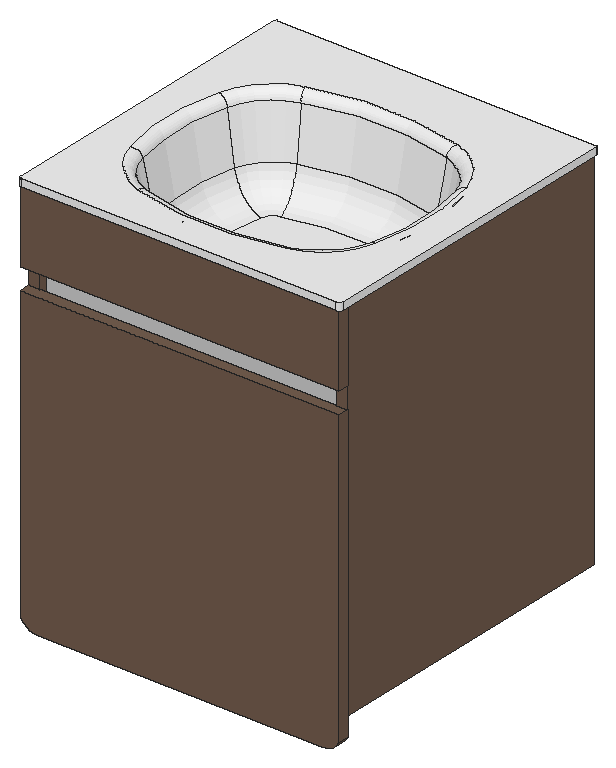
Revit family "614286091_Mueble Aluvia Habano Elevado 45x45", category Plumbing Fixtures, Revit 2019
Family settings
  Round Connector Dimension = Use Diameter
  Part Type = Normal
  OmniClass Number = 23.31.13.11
  OmniClass Title = Single Sinks
  Work Plane-Based = Yes
  Always vertical = Yes
  Cut with Voids When Loaded = No
  Shared = No
  Room Calculation Point = No
Parameters (values of type "Ref. 614286091 Mueble Aluvia Habano Con Lavamanos")
  Tiempo de Armado = "60 minutos"  # constant formula
  Resistencia al rayado = "700 ciclos"  # constant formula
  Resistencia a la humedad = "8%"  # constant formula
  Profundidad = 440 mm
  Pieza en U = Corona_Poliestrieno_Gris
  Peso Neto aprox = "22 lb (10 kg)."  # constant formula
  Peso Bruto aprox = "23,6 lb (10,37 kg)."  # constant formula
  Garantia Madera = "1 año"  # constant formula
  URL = "https://corona.co/productos/muebles-para-banos/mueble-aluvia-elevado/p/614286091"
  Dimensiones Generales (H * W * P) = "21,85” x 17,56” x 17,52” (555 x 446 x 445 mm)."  # constant formula
  Model = "Mueble aluvia miel LVM 45X45"  # constant formula
  Material Lavamanos = Corona_Cerámica_Sinterizada
  Manufacturer = "Corona"  # constant formula
  Material madera interior = Corona_Madera_Aglomerada_Plomo
  Material = Corona_Madera_Aglomerada_Habano
  Description = "La línea ALUVIA viene a entregar de manera asequible una solución perfecta que combina\r\ndiseño y funcionalidad, ALUVIA se inspira en el movimiento y caída del agua en la\r\nnaturaleza, es por ello de sus formas orgánicas donde podemos obtener un producto\r\ncompacto y de líneas fluidas, que se adapta en espacios pequeños.\r\nEl principal beneficio de los muebles de esta línea es ser un producto compacto que brinda\r\nal consumidor máxima capacidad de almacenamiento e ideal para espacios pequeños.\r\n· Mueble compacto para espacios pequeños.\r\n· Lavamanos 100% en porcelana.\r\n· Grán capacidad de almacenamiento.\r\n· Resistentes a la Humedad."  # constant formula
  Densidad = "15 mms 670 kg./m^3."  # constant formula
  Default Elevation = 1219.2 mm
  Date created = "08/07/2020"  # constant formula
  Created by = "IDD"  # constant formula
  Garantia Herrajes = "1 año"  # constant formula
  Carga máxima = "88,2 lb (40 kg)."  # constant formula
  Canto = "PVC rígido 2 mm de calibre."  # constant formula
  Patas = Corona_Acero
  Ancho = 445 mm
  Alto = 850 mm
Types (3, lengths in mm): name | Profundidad | URL | Material
  (no name) | 440 | "https://corona.co/productos/muebles-para-banos/mueble-aluvia-elevado/p/614286091" | Corona_Madera_Aglomerada_Habano
  Ref. 614281711 Mueble Aluvia Miel Con Lavamanos | 430 | "https://corona.co/productos/muebles-para-banos/mueble-aluvia-a-piso/p/604281711" | Corona_Madera_Aglomerada_Miel
  Ref. 614286091 Mueble Aluvia Habano Con Lavamanos | 440 | "https://corona.co/productos/muebles-para-banos/mueble-aluvia-elevado/p/614286091" | Corona_Madera_Aglomerada_Habano
Reference planes
  plane 1 "Center (Front/Back)": y = 0
  plane 2: z = 0
  plane 3 "Center (Left/Right)": x = 0
  plane 4: x = -222.5
  plane 5: x = 222.5
  plane 6: y = -430
  plane 7: z = 719
  plane 8: z = 749
  plane 9: z = 850
  plane 10: y = -15
  plane 11: y = -445
  plane 12: x = 207.5
  plane 13: x = -207.5
  plane 14: z = 695.425
  plane 15: z = 295
  plane 16: x = -207.5
  plane 17: z = 798.425
  plane 18: z = 500
  plane 19: z = 351
  plane 20: z = 336
Forms (mm)
  Extrusion 1, solid, material "Corona_Madera_Aglomerada_Habano" <- "Material", detail levels medium+fine
    sketch origin (0, 0, 0) x (1, 0, 0) y (0, 1, 0)
      loop
        line (-222.5, 0) -> (-222.5, -430) -> (222.5, -430) -> (222.5, 0) -> (-222.5, 0)
    from 336 to 850
  Extrusion 2, void, detail levels medium+fine
    sketch origin (0, 0, 0) x (1, 0, 0) y (0, 1, 0)
      loop
        line (-207.5, 0) -> (-207.5, -430) -> (207.5, -430) -> (207.5, 0) -> (-207.5, 0)
    from 351 to 850
  Extrusion 3, solid, material "Corona_Madera_Aglomerada_Habano" <- "Material"
    sketch origin (0, 0, 0) x (1, 0, 0) y (0, 1, 0)
      loop
        line (222.5, -445) -> (222.5, -430) -> (-222.5, -430) -> (-222.5, -445) -> (222.5, -445)
    from 749 to 850
  Extrusion 4, solid, material "Corona_Madera_Aglomerada_Plomo" <- "Material madera interior"
    sketch origin (0, 20.2, 209.8) x (0, 1, 0) y (0, 0, 1)
      loop
        line (-440.2, 588.625) -> (-440.2, 485.625) -> (-425.2, 485.625) -> (-425.2, 588.625) -> (-440.2, 588.625)
    from -207.5 to 207.5
  Extrusion 5, solid, material "Corona_Madera_Aglomerada_Habano" <- "Material"
    sketch origin (0, 0, 0) x (1, 0, 0) y (0, 0, 1)
      loop
        line (222.5, 719) -> (-222.5, 719) -> (-222.5, 309)
        arc (-222.5, 309) -> (-211.779, 298.822) -> (-197.5, 295) r 30
        line (-197.5, 295) -> (197.5, 295)
        arc (197.5, 295) -> (211.779, 298.822) -> (222.5, 309) r 30
        line (222.5, 309) -> (222.5, 719)
    from 430 to 445
  Extrusion 6, solid, material "Corona_Madera_Aglomerada_Habano" <- "Material", detail levels coarse
    sketch origin (0, 0, 0) x (1, 0, 0) y (0, 1, 0)
      loop
        line (-222.5, -445) -> (222.5, -445) -> (222.5, 0) -> (-222.5, 0) -> (-222.5, -445)
    from 295 to 860
  Extrusion 7, solid, material "Corona_Madera_Aglomerada_Habano" <- "Material"
    sketch origin (0, 425.2, 261.375) x (0, 1, 0) y (0, 0, 1)
      loop
        line (-440.2, 588.625) -> (-440.2, 487.625) -> (-425.2, 487.625) -> (-425.2, 588.625) -> (-440.2, 588.625)
    from -207.5 to 207.5
Cuts and joins
  Extrusion 2 cuts Extrusion 1
Dimensions and locks
  equal spacing: plane 4, plane 3 "Center (Left/Right)", plane 5
  plane 11 to plane 1 "Center (Front/Back)" = 445 mm  (x2)
  "Ancho": plane 4 to plane 5
  plane 11 to plane 6 = 15 mm  (x2)
  plane 4 to plane 13 = 15 mm
  plane 9 to plane 8 = 101 mm  (x3)
  plane 8 to plane 7 = 30 mm  (x2)
  "Alto": plane 9 to level
  plane 4 to plane 5 = 445 mm
  plane 12 to plane 5 = 15 mm
  plane 1 "Center (Front/Back)" to plane 11 = 445 mm
  plane 12 to plane 13 = 415 mm
  plane 9 to level = 850 mm
  plane 7 to Extrusion 6 = 424 mm
  plane 7 to plane 15 = 424 mm
  plane 20 to plane 15 = 41 mm
  aligned and locked: level to plane 2
  aligned and locked: plane 1 "Center (Front/Back)" to Extrusion 1 sketch curve
  aligned and locked: Extrusion 1 sketch curve to plane 5
  aligned and locked: plane 6 to Extrusion 1 sketch curve
  aligned and locked: plane 4 to Extrusion 1 sketch curve
  aligned and locked: Extrusion 3 to cut or joined group of Extrusion 1, Extrusion 2
  aligned and locked: Extrusion 3 to plane 8
  aligned and locked: Extrusion 2 to plane 6
  aligned and locked: plane 13 to Extrusion 2
  aligned and locked: plane 12 to Extrusion 2
  aligned and locked: plane 11 to Extrusion 3
  aligned and locked: plane 9 to Extrusion 3
  aligned and locked: Extrusion 4 to plane 14
  aligned and locked: plane 17 to Extrusion 4
  aligned and locked: Extrusion 6 sketch curve to plane 4
  aligned and locked: plane 1 "Center (Front/Back)" to Extrusion 6 sketch curve
  aligned and locked: plane 11 to Extrusion 6 sketch curve
  aligned and locked: plane 5 to Extrusion 6 sketch curve
  aligned and locked: nested 1 to Extrusion 6
  aligned and locked: plane 9 to cut or joined group of Extrusion 1, Extrusion 2
  aligned and locked: cut or joined group of Extrusion 1, Extrusion 2 to Extrusion 4  (x2)
  aligned and locked: Extrusion 6 to Extrusion 5
  aligned and locked: Extrusion 6 to plane 15
  aligned and locked: Extrusion 5 to plane 7
  aligned and locked: Extrusion 1 to plane 20
  aligned and locked: Extrusion 2 to plane 19
Automatic sketch dimensions
  Extrusion 2 sketch curve to plane 6 = 0 mm
  Extrusion 2 sketch curve to plane 13 = 0 mm
  Extrusion 2 sketch curve to plane 12 = 0 mm
  plane 1 "Center (Front/Back)" to Extrusion 2 sketch curve = 0 mm
  Extrusion 3 sketch curve to plane 4 = 0 mm
  Extrusion 3 sketch curve to plane 5 = 0 mm
  plane 11 to Extrusion 3 sketch curve = 0 mm
  Extrusion 3 sketch curve to plane 6 = 0 mm
  Extrusion 4 sketch curve to plane 14 = 0 mm
  Extrusion 4 sketch curve to plane 17 = 0 mm
  plane 6 to Extrusion 4 sketch curve = 10 mm
  Extrusion 4 sketch curve to Extrusion 4 sketch curve = 15 mm
  Extrusion 5 sketch curve to plane 4 = 0 mm
  Extrusion 5 sketch curve to plane 15 = 0 mm
  Extrusion 5 sketch curve to plane 5 = 0 mm
  Extrusion 5 sketch curve to plane 13 = 10 mm
  Extrusion 5 sketch curve to plane 13 = 10.379 mm
  Extrusion 5 sketch curve to plane 12 = 10.379 mm
  Extrusion 5 sketch curve to plane 12 = 10 mm
  Extrusion 5 sketch curve to Extrusion 5 sketch curve = 14 mm  (x2)
  Extrusion 7 sketch curve to plane 10 = 0 mm
  Extrusion 7 sketch curve to plane 1 "Center (Front/Back)" = 0 mm
  Extrusion 7 sketch curve to plane 9 = 0 mm
  Extrusion 7 sketch curve to plane 8 = 0 mm
  plane 18 to Extrusion 5 sketch curve = 219 mm
Nested families
  nested 1: "Lavamanos_Aluvia" at (0, 3.157, 850), type "Lavamanos_Aluvia", detail levels medium+fine
  nested 2: "Family3" at (0, 0, 0) x (1, 0, 0) z (0, -1, 0), type "Family3"
  nested 3: "Family2" at (0, 0, 0) x (0, 1, 0) z (1, 0, 0), type "Family2"
  nested 4: "Family1" at (-24.5, -445, 0), type "Family1"
Definition of nested family "Lavamanos_Aluvia"
  Parameters (values of type "Lavamanos_Aluvia")
    Width = 450 mm
    Material Lavamanos = none
    Height = 122 mm
    Depth = 450 mm
    Date Created = "08/07/2020"  # constant formula
    Created by = "IDD"  # constant formula
  Reference planes
    plane 1 "Center (Front/Back)": y = 0
    plane 2: z = 0
    plane 3 "Center (Left/Right)": x = 0
    plane 4: y = -450
    plane 5: x = 225
    plane 6: x = -225
    plane 7: z = 10
    plane 8: z = -112
  Forms (mm)
    Extrusion 1, solid, material <- "Material Lavamanos"
      sketch origin (0, 0, 0) x (1, 0, 0) y (0, 1, 0)
        loop
          arc (-222.603, 0) -> (-224.013, -0.987) -> (-225, -2.397) r 4.953
          line (-225, -2.397) -> (-225, -443.917)
          arc (-225, -443.917) -> (-223.218, -448.218) -> (-218.917, -450) r 6.083
          line (-218.917, -450) -> (218.917, -450)
          arc (218.917, -450) -> (223.218, -448.218) -> (225, -443.917) r 6.083
          line (225, -443.917) -> (225, -2.397)
          arc (225, -2.397) -> (224.013, -0.987) -> (222.603, 0) r 4.953
          line (222.603, 0) -> (-222.603, 0)
        loop
          arc (-106.389, -388.635) -> (-1.549, -405.801) -> (103.665, -391.099) r 354.127
          arc (103.665, -391.099) -> (146.466, -365.335) -> (171.463, -322.081) r 100
          arc (171.463, -322.081) -> (182.378, -242.183) -> (171.463, -162.286) r 297.871
          arc (171.463, -162.286) -> (146.466, -119.032) -> (103.665, -93.267) r 100
          arc (103.665, -93.267) -> (-1.549, -78.565) -> (-106.389, -95.732) r 354.127
          arc (-106.389, -95.732) -> (-148.087, -121.977) -> (-172.191, -164.948) r 100
          arc (-172.191, -164.948) -> (-182.378, -242.183) -> (-172.191, -319.419) r 297.871
          arc (-172.191, -319.419) -> (-148.087, -362.39) -> (-106.389, -388.635) r 100
      from 0 to 10
    Sweep 2, solid, material <- "Material Lavamanos"
      path origin (0, 0, 10) x (1, 0, 0) y (0, 1, 0)
        loop
          arc (-106.389, -95.732) -> (-148.087, -121.977) -> (-172.191, -164.948) r 100
          arc (-172.191, -164.948) -> (-182.378, -242.183) -> (-172.191, -319.419) r 297.871
          arc (-172.191, -319.419) -> (-148.087, -362.39) -> (-106.389, -388.635) r 100
          arc (-106.389, -388.635) -> (-1.549, -405.801) -> (103.665, -391.099) r 354.127
          arc (103.665, -391.099) -> (146.466, -365.335) -> (171.463, -322.081) r 100
          arc (171.463, -322.081) -> (182.378, -242.183) -> (171.463, -162.286) r 297.871
          arc (171.463, -162.286) -> (146.466, -119.032) -> (103.665, -93.267) r 100
          arc (103.665, -93.267) -> (-1.549, -78.565) -> (-106.389, -95.732) r 354.127
      profile origin (-1.549, -78.565, 10) x (-0.011731, 0.999931, 0) y (0, 0, 1)
        loop
          line (-14.72, -12.118) -> (-28.327, -81.608)
          arc (-28.327, -81.608) -> (-45.617, -110.603) -> (-77.395, -122) r 50
          line (-77.395, -122) -> (-77.395, -132)
          arc (-77.395, -132) -> (-39.262, -118.324) -> (-18.513, -83.529) r 60
          line (-18.513, -83.529) -> (-4.907, -14.039)
          arc (-4.907, -14.039) -> (-3.178, -11.14) -> (0, -10) r 5
          line (0, -10) -> (0, 0)
          arc (0, 0) -> (-9.533, -3.419) -> (-14.72, -12.118) r 15
    Extrusion 3, solid, material <- "Material Lavamanos"
      sketch origin (0, 0, 0) x (1, 0, 0) y (0, 1, 0)
        loop
          arc (-82.568, -169.369) -> (-91.994, -175.302) -> (-97.443, -185.016) r 22.605
          arc (-97.443, -185.016) -> (-104.983, -242.183) -> (-97.443, -299.351) r 220.476
          arc (-97.443, -299.351) -> (-91.994, -309.064) -> (-82.568, -314.997) r 22.605
          arc (-82.568, -314.997) -> (-0.641, -328.412) -> (81.578, -316.923) r 276.732
          arc (81.578, -316.923) -> (91.253, -311.099) -> (96.904, -301.321) r 22.605
          arc (96.904, -301.321) -> (104.983, -242.183) -> (96.904, -183.045) r 220.476
          arc (96.904, -183.045) -> (91.253, -173.268) -> (81.578, -167.444) r 22.605
          arc (81.578, -167.444) -> (-0.641, -155.955) -> (-82.568, -169.369) r 276.732
      from -122 to -112
    Extrusion 4, void
      sketch origin (0, 0, 0) x (1, 0, 0) y (0, 1, 0)
        loop
          circle (0, -242.183) r 21.75
      from -167.798 to -32.448
    Extrusion 5, solid, material <- "Material Lavamanos"
      sketch origin (0, 0, 0) x (1, 0, 0) y (0, 1, 0)
        loop
          circle (0, -242.183) r 21.75
      from -129.568 to -122
  Cuts and joins
    Extrusion 4 cuts Extrusion 1
    Extrusion 4 cuts Sweep 2
    Extrusion 4 cuts Extrusion 3
    joined: Extrusion 1, Sweep 2, Extrusion 3
  Dimensions and locks
    equal spacing: plane 6, plane 3 "Center (Left/Right)", plane 5
    "Width": plane 6 to plane 5
    "Depth": plane 4 to plane 1 "Center (Front/Back)"
    level to plane 7 = 10 mm
    "Height": plane 8 to plane 7
    aligned and locked: level to plane 2
    aligned and locked: plane 1 "Center (Front/Back)" to Extrusion 1 sketch curve
    aligned and locked: plane 4 to Extrusion 1 sketch curve
    aligned and locked: Extrusion 1 sketch curve to plane 5
    aligned and locked: plane 6 to Extrusion 1 sketch curve
  Automatic sketch dimensions
    plane 6 to Extrusion 1 sketch curve = 2.397 mm
    plane 6 to Extrusion 1 sketch curve = 4.489 mm
    plane 6 to Extrusion 1 sketch curve = 6.083 mm
    plane 6 to Extrusion 1 sketch curve = 109.507 mm
    Extrusion 1 sketch curve to Extrusion 1 sketch curve = 39.882 mm
    Extrusion 1 sketch curve to plane 3 "Center (Left/Right)" = 75.611 mm
    plane 3 "Center (Left/Right)" to Extrusion 1 sketch curve = 2.605 mm  (x2)
    plane 3 "Center (Left/Right)" to Extrusion 1 sketch curve = 75.127 mm  (x2)
    Extrusion 1 sketch curve to Extrusion 1 sketch curve = 40.365 mm
    Extrusion 1 sketch curve to plane 5 = 6.083 mm
    Extrusion 1 sketch curve to plane 5 = 4.489 mm
    Extrusion 1 sketch curve to plane 5 = 2.397 mm
    plane 4 to Extrusion 1 sketch curve = 17.332 mm
    plane 4 to Extrusion 1 sketch curve = 154.742 mm
    Extrusion 1 sketch curve to Extrusion 1 sketch curve = 1.768 mm
    Extrusion 1 sketch curve to Extrusion 1 sketch curve = 53.075 mm  (x2)
    Extrusion 1 sketch curve to Extrusion 1 sketch curve = 51.306 mm  (x2)
    plane 1 "Center (Front/Back)" to Extrusion 1 sketch curve = 51.699 mm
    plane 1 "Center (Front/Back)" to Extrusion 1 sketch curve = 4.489 mm  (x2)
    plane 6 to Extrusion 1 sketch curve = 52.809 mm
    Extrusion 1 sketch curve to Extrusion 1 sketch curve = 0 mm  (x7)
    Sweep 2 sketch curve to Extrusion 1 = 95.732 mm
    Sweep 2 sketch curve to Extrusion 1 = 53.537 mm  (x2)
    Sweep 2 sketch curve to Extrusion 1 = 109.507 mm
    Sweep 2 sketch curve to Sweep 2 sketch curve = 0 mm  (x8)
    Sweep 2 sketch curve to Sweep 2 sketch curve = 96.336 mm
    Sweep 2 sketch curve to Sweep 2 sketch curve = 67.798 mm
    Sweep 2 sketch curve to Extrusion 1 = 51.699 mm
    Sweep 2 sketch curve to Sweep 2 sketch curve = 108.994 mm
    Sweep 2 sketch curve to Sweep 2 sketch curve = 39.882 mm
    Sweep 2 sketch curve to Extrusion 1 = 52.809 mm  (x2)
    Sweep 2 sketch curve to Sweep 2 sketch curve = 40.365 mm
    Sweep 2 sketch curve to profile plane = 0 mm
    profile plane to Sweep 2 sketch curve = 0 mm
    profile plane to Sweep 2 sketch curve = 4.907 mm
    Sweep 2 sketch curve to profile plane = 12.118 mm
    Sweep 2 sketch curve to Sweep 2 sketch curve = 9.814 mm  (x2)
    profile plane to Sweep 2 sketch curve = 18.513 mm
    Sweep 2 sketch curve to Sweep 2 sketch curve = 49.068 mm
    Sweep 2 sketch curve to profile plane = 72 mm
    Sweep 2 sketch curve to Sweep 2 sketch curve = 9.608 mm
    Sweep 2 sketch curve to Sweep 2 sketch curve = 1.922 mm
    Sweep 2 sketch curve to Sweep 2 sketch curve = 0.961 mm
    plane 3 "Center (Left/Right)" to Extrusion 3 sketch curve = 2.605 mm  (x2)
    plane 3 "Center (Left/Right)" to Extrusion 3 sketch curve = 75.127 mm
    plane 4 to Extrusion 3 sketch curve = 17.332 mm
    plane 1 "Center (Front/Back)" to Extrusion 3 sketch curve = 189.109 mm
    Extrusion 3 sketch curve to plane 3 "Center (Left/Right)" = 82.568 mm
    Extrusion 3 sketch curve to Extrusion 3 sketch curve = 6.451 mm
    Extrusion 3 sketch curve to Extrusion 3 sketch curve = 0 mm  (x7)
    Extrusion 3 sketch curve to Extrusion 3 sketch curve = 15.326 mm  (x2)
    Extrusion 3 sketch curve to Extrusion 3 sketch curve = 32.924 mm  (x2)
    plane 3 "Center (Left/Right)" to Extrusion 3 sketch curve = 96.904 mm
    Extrusion 3 sketch curve to Extrusion 3 sketch curve = 21.777 mm
    Extrusion 3 sketch curve to Extrusion 3 sketch curve = 6.957 mm
    Extrusion 3 sketch curve to Extrusion 3 sketch curve = 14.874 mm  (x2)
    Extrusion 3 sketch curve to Extrusion 3 sketch curve = 18.589 mm
    Extrusion 4 sketch curve to Extrusion 4 sketch curve = 0 mm  (x2)
    Extrusion 4 sketch curve to plane 3 "Center (Left/Right)" = 0 mm
    plane 4 to Extrusion 4 sketch curve = 207.817 mm
    Extrusion 4 sketch curve to plane 3 "Center (Left/Right)" = 21.75 mm
    Extrusion 5 sketch curve to Extrusion 5 sketch curve = 0 mm  (x2)
    Extrusion 5 sketch curve to plane 3 "Center (Left/Right)" = 0 mm
    plane 4 to Extrusion 5 sketch curve = 207.817 mm
    Extrusion 5 sketch curve to plane 3 "Center (Left/Right)" = 21.75 mm
    radius of Sweep 2 sketch curve to Extrusion 1 = 0 mm  (x2)
  Connectors
    piping at (0, -242.183, -129.568), diameter 350
      settings: on Extrusion 5, index 1, connector inside diameter 609.6 mm, connector length 0 mm, flow factor 0, pipe flow 0.0 L/s, pressure drop 0.0 Pa, fitting loss kfactor 0, connector angle 0.00°, fixture units 0, engagement length 0 mm, angle of deflection 0.00°, flow configuration 0, flow direction 0, fitting loss method 0, system type 7, joint type 0, gender type 0, connector reference index -1, connector utility 0, adjustable connector no, is connector primary yes, connector description ""
Definition of nested family "Family3"
  Reference planes
    plane 1 "Center (Front/Back)": y = 0
    plane 2: z = 0
    plane 3 "Center (Left/Right)": x = 0
  Lines and regions (mm)
    detail lines, in view "Ref. Level"
      curve 1: line (222.5, 749, 0) -> (-222.5, 749, 0)
      curve 2: line (-222.5, 850, 0) -> (-222.5, 315, 0)
      curve 3: line (-222.5, 719, 0) -> (222.5, 719, 0)
      curve 4: line (222.5, 850, 0) -> (222.5, 315, 0)
      curve 5: line (202.5, 295, 0) -> (-202.5, 295, 0)
      curve 6: line (-207.5, 749, 0) -> (-207.5, 719, 0)
      curve 7: line (207.5, 749, 0) -> (207.5, 719, 0)
      curve 8: arc (-222.5, 315, 0) -> (-215.005, 302.495, 0) -> (-202.5, 295, 0) r 30
      curve 9: arc (222.5, 315, 0) -> (215.005, 302.495, 0) -> (202.5, 295, 0) r 30
      curve 10: line (-222.5, 850, 0) -> (222.5, 850, 0)
Definition of nested family "Family2"
  Reference planes
    plane 1 "Center (Front/Back)": y = 0
    plane 2: z = 0
    plane 3 "Center (Left/Right)": x = 0
  Lines and regions (mm)
    detail lines, in view "Ref. Level"
      curve 1: line (-445, 850, 0) -> (0, 850, 0)
      curve 2: line (0, 850, 0) -> (0, 749, 0)
      curve 3: line (0, 749, 0) -> (0, 719, 0)
      curve 4: line (0, 719, 0) -> (0, 336, 0)
      curve 5: line (-430, 295, 0) -> (-445, 295, 0)
      curve 6: line (-430, 295, 0) -> (-430, 850, 0)
      curve 7: line (-445, 719, 0) -> (-430, 719, 0)
      curve 8: line (-445, 749, 0) -> (-430, 749, 0)
      curve 9: line (-445, 749, 0) -> (-445, 850, 0)
      curve 10: line (-445, 719, 0) -> (-445, 295, 0)
      curve 11: line (-430, 336, 0) -> (0, 336, 0)
      curve 12: line (-430, 351, 0) -> (0, 351, 0)
Definition of nested family "Family1"
  Reference planes
    plane 1 "Center (Front/Back)": y = 0
    plane 2: z = 0
    plane 3 "Center (Left/Right)": x = 0
  Lines and regions (mm)
    detail lines, in view "Ref. Level"
      curve 1: line (-198, 445, 0) -> (247, 445, 0)
      curve 2: line (247, 445, 0) -> (247, 0, 0)
      curve 3: line (247, 0, 0) -> (-198, 0, 0)
      curve 4: line (-198, 0, 0) -> (-198, 445, 0)
      curve 5: line (-183, 15, 0) -> (-183, 445, 0)
      curve 6: line (232, 445, 0) -> (232, 15, 0)
      curve 7: line (247, 15, 0) -> (-198, 15, 0)
      curve 8: line (232, 25, 0) -> (-183, 25, 0)
      curve 9: line (232, 40, 0) -> (-183, 40, 0)
      curve 10: line (232, 430, 0) -> (-183, 430, 0)
